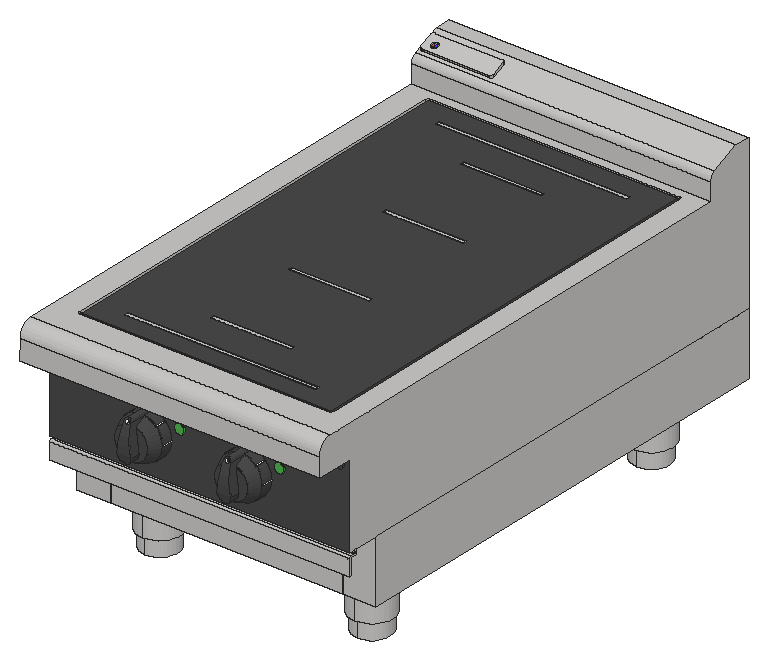
Revit family "QF_Moffat_INLB8200F-B_Induction_Cooktop_cat", category Specialty Equipment, Revit 2019
Family settings
  Round Connector Dimension = Use Diameter
  Part Type = Normal
  Work Plane-Based = No
  Always vertical = Yes
  Cut with Voids When Loaded = No
  Shared = No
  Room Calculation Point = No
Parameters (values of type "INLB8200F-B_415/60/3")
  Weight in Kilograms = 88
  Watts = 10000 W
  Volts = 415 V
  URL Cutsheet = ""
  Specification by User = ""
  Specification by Manufacturer = ""
  Show Logo [instance] = yes
  Serial Number = ""
  Seismic Rating = ""
  SMACNA No = ""
  Revision Code = ""
  Phase = 3
  Number of Poles = 1
  NAFEM Spec ID Number = ""
  Model = "INLB8200F-B"
  Min Ckt Ampacity = 0 A
  Max Overcurrent Protection = 0 A
  Masterspec = ""
  Manufacturer = "Moffat"
  Length = 450 mm
  Item Number = ""
  Installed By = ""
  Identify Quantity as Lot = yes
  Height = 410 mm
  HP = ""
  Furnished By = ""
  Foodservice Equipment Identifier = yes
  FL Amps = 14 A
  Electrical Remarks = ""
  Electric Connection Type = ""
  Elec Conn RI Height = 0 mm
  Elec Conn Connection Height = 0 mm
  Description = "Induction Cooktop"
  Depth = 805 mm
  Cycle = 60 Hz
  Conn Plug = ""
  Conn Conduit = yes
  CSI MasterFormat = ""
  Apparent Power = if(Phase = 3, Volts * FL Amps * 1.73, Volts * FL Amps)  # 10051.3 VA
Types (2, lengths in mm): name | Volts | Cycle | Apparent Power
  INLB8200F-B_415/60/3 | 415 V | 60 Hz | 10051.3 VA
  INLB8200F-B_400/50/3 | 400 V | 50 Hz | 9688 VA
Reference planes
  plane 1 "BACK": y = 0
  plane 2: z = 0
  plane 3 "LEFT": x = 0
  plane 4 "RIGHT": x = 450
  plane 5 "FRONT": y = -805
  plane 6 "TOP": z = 410
  plane 7 "Center Y": x = 225
  plane 8 "Center X": y = -402.5
  plane 9: x = 65.5
  plane 10: x = 384.5
  plane 11: y = -30
  plane 12: x = 320
  plane 13: z = 85
  plane 14: y = -100
  plane 15: y = -625
  plane 16: y = -70
  plane 17: z = 355
  plane 18: z = 75
Forms (mm)
  Extrusion 1, solid, material "QF_Metal_Stainless_Polished"
    sketch origin (0, 0, 0) x (0, 1, 0) y (0, 0, 1)
      loop
        line (0, 180) -> (0, 410) -> (-23.147, 410) -> (-62.316, 393.374)
        arc (-62.316, 393.374) -> (-67.905, 388.725) -> (-70, 381.764) r 12.612
        line (-70, 381.764) -> (-70, 355) -> (-784.417, 355)
        arc (-784.417, 355) -> (-798.971, 348.971) -> (-805, 334.417) r 20.583
        line (-805, 334.417) -> (-805, 305) -> (-749, 305) -> (-749, 180) -> (0, 180)
    from 0 to 450
  Extrusion 2, void
    sketch origin (0, -784.417, 355) x (0, 1, 0) y (-1, 0, 0)
      loop
        arc (699.588, -42.349) -> (697.83, -38.106) -> (693.588, -36.349) r 6
        line (693.588, -36.349) -> (45.492, -36.349)
        arc (45.492, -36.349) -> (41.249, -38.106) -> (39.492, -42.349) r 6
        line (39.492, -42.349) -> (39.492, -413.677)
        arc (39.492, -413.677) -> (41.249, -417.92) -> (45.492, -419.677) r 6
        line (45.492, -419.677) -> (693.588, -419.677)
        arc (693.588, -419.677) -> (697.83, -417.92) -> (699.588, -413.677) r 6
        line (699.588, -413.677) -> (699.588, -42.349)
    from 0 to -9.5
  Extrusion 3, solid, material "QF_Plastic_Black_Smooth"
    sketch origin (0, -784.417, 355) x (0, 1, 0) y (-1, 0, 0)
      loop
        line (695.588, -413.677) -> (695.588, -42.349)
        arc (695.588, -42.349) -> (695.002, -40.935) -> (693.588, -40.349) r 2
        line (693.588, -40.349) -> (45.492, -40.349)
        arc (45.492, -40.349) -> (44.078, -40.935) -> (43.492, -42.349) r 2
        line (43.492, -42.349) -> (43.492, -413.677)
        arc (43.492, -413.677) -> (44.078, -415.091) -> (45.492, -415.677) r 2
        line (45.492, -415.677) -> (693.588, -415.677)
        arc (693.588, -415.677) -> (695.002, -415.091) -> (695.588, -413.677) r 2
      loop
        line (663.691, -368.576) -> (663.691, -81.424) -> (657.691, -81.424) -> (657.691, -368.576) -> (663.691, -368.576)
      loop
        line (600.917, -165) -> (600.917, -285) -> (606.917, -285) -> (606.917, -165) -> (600.917, -165)
      loop
        line (454.667, -165) -> (454.667, -285) -> (460.667, -285) -> (460.667, -165) -> (454.667, -165)
      loop
        line (277.974, -165) -> (277.974, -285) -> (283.974, -285) -> (283.974, -165) -> (277.974, -165)
      loop
        line (79.085, -368.576) -> (79.085, -81.424) -> (73.085, -81.424) -> (73.085, -368.576) -> (79.085, -368.576)
      loop
        line (130.651, -165) -> (130.651, -285) -> (136.651, -285) -> (136.651, -165) -> (130.651, -165)
    from 0 to -9.5
  Extrusion 4, solid, material "QF_Metal_Stainless_Polished"
    sketch origin (0, 0, 40) x (0, 1, 0) y (0, 0, 1)
      loop
        line (-739.467, 140) -> (-738.192, 134.838)
        arc (-738.192, 134.838) -> (-738.307, 134.302) -> (-738.799, 134.063) r 0.625
        line (-738.799, 134.063) -> (-746.111, 134.063)
        arc (-746.111, 134.063) -> (-748.011, 133.276) -> (-748.797, 131.377) r 2.686
        line (-748.797, 131.377) -> (-748.797, 107.627) -> (-747.197, 107.627) -> (-747.197, 131.242)
        arc (-747.197, 131.242) -> (-746.84, 132.105) -> (-745.976, 132.463) r 1.221
        line (-745.976, 132.463) -> (-738.755, 132.463)
        arc (-738.755, 132.463) -> (-737.028, 133.304) -> (-736.625, 135.182) r 2.194
        line (-736.625, 135.182) -> (-737.815, 140) -> (-739.467, 140)
    from 0 to 450
  Extrusion 5, solid, material "QF_Plastic_Black_Smooth"
    sketch origin (0, -749, 181.875) x (0, 0, 1) y (-1, 0, 0)
      loop
        circle (112.843, -13.157) r 5
      loop
        circle (112.843, -436.843) r 5
    from 0 to 1.6
  Extrusion 6, solid, material "QF_Metal_Stainless_Polished"
    sketch origin (0, -699, 85) x (0, 1, 0) y (1, 0, 0)
      loop
        circle (669, 320) r 6.35
    from 0 to 10
  Extrusion 7, solid, material "QF_Metal_Stainless_Polished"
    sketch origin (0, -699, 85) x (1, 0, 0) y (0, -1, 0)
      loop
        line (0, -699) -> (450, -699) -> (450, 0) -> (399.2, 0) -> (399.2, -25.4) -> (50.8, -25.4) -> (50.8, 0) -> (0, 0) -> (0, -699)
    from 0 to -95
  Extrusion 8, solid, material "QF_Metal_Stainless_Polished"
    sketch origin (50.8, -30, 85) x (0, 1, 0) y (0, 0, 1)
      loop
        line (-669, 0) -> (-643.6, 0) -> (-643.6, 26.45) -> (-669, 26.45) -> (-669, 0)
      loop
        line (-669, 32.45) -> (-643.6, 32.45) -> (-643.6, 66.4) -> (-669, 66.4) -> (-669, 32.45)
      loop
        line (-669, 67.4) -> (-643.6, 67.4) -> (-643.6, 95) -> (-669, 95) -> (-669, 67.4)
    from 0 to 348.4
  Revolve 9, solid, material "QF_Metal_Stainless_Polished"
    sketch origin (65.5, -4572, -304.8) x (0, 0, -1) y (0, -1, 0)
      loop
        line (-304.8, -4499.5) -> (-304.8, -4472) -> (-389.8, -4472) -> (-389.8, -4503.75) -> (-329.8, -4503.75) -> (-329.8, -4499.5) -> (-304.8, -4499.5)
      axis (-389.8, -4472) -> (-304.8, -4472)
    angle from 0 to 360
  Revolve 10, solid, material "QF_Metal_Stainless_Polished"
    sketch origin (65.5, -4572, -304.8) x (0, 0, -1) y (0, -1, 0)
      loop
        line (-304.8, -3974.5) -> (-304.8, -3947) -> (-389.8, -3947) -> (-389.8, -3978.75) -> (-329.8, -3978.75) -> (-329.8, -3974.5) -> (-304.8, -3974.5)
      axis (-389.8, -3947) -> (-304.8, -3947)
    angle from 0 to 360
  Revolve 11, solid, material "QF_Metal_Stainless_Polished"
    sketch origin (384.5, -4572, -304.8) x (0, 0, -1) y (0, 1, 0)
      loop
        line (-304.8, 4499.5) -> (-329.8, 4499.5) -> (-329.8, 4503.75) -> (-389.8, 4503.75) -> (-389.8, 4472) -> (-304.8, 4472) -> (-304.8, 4499.5)
      axis (-389.8, 4472) -> (-304.8, 4472)
    angle from 0 to 360
  Revolve 12, solid, material "QF_Metal_Stainless_Polished"
    sketch origin (384.5, -4572, -304.8) x (0, 0, -1) y (0, 1, 0)
      loop
        line (-304.8, 3974.5) -> (-329.8, 3974.5) -> (-329.8, 3978.75) -> (-389.8, 3978.75) -> (-389.8, 3947) -> (-304.8, 3947) -> (-304.8, 3974.5)
      axis (-389.8, 3947) -> (-304.8, 3947)
    angle from 0 to 360
  Extrusion 13, solid, material "QF_Metal_Stainless_Polished"
    sketch origin (0, 0, 0) x (1, 0, 0) y (0, 1, 0)
      loop
        line (368.576, -126.726) -> (368.576, -120.726) -> (81.424, -120.726) -> (81.424, -126.726) -> (368.576, -126.726)
      loop
        line (285, -183.5) -> (285, -177.5) -> (165, -177.5) -> (165, -183.5) -> (285, -183.5)
      loop
        line (285, -329.75) -> (285, -323.75) -> (165, -323.75) -> (165, -329.75) -> (285, -329.75)
      loop
        line (165, -500.443) -> (165, -506.443) -> (285, -506.443) -> (285, -500.443) -> (165, -500.443)
      loop
        line (165, -647.766) -> (165, -653.766) -> (285, -653.766) -> (285, -647.766) -> (165, -647.766)
      loop
        line (81.424, -705.333) -> (81.424, -711.333) -> (368.576, -711.333) -> (368.576, -705.333) -> (81.424, -705.333)
    from 355 to 345.5
  Extrusion 14, solid, material "QF_Paint_Green"
    sketch origin (63.231, -748.999, 157.5) x (0, 0, 1) y (-1, 0, 0)
      loop
        circle (100.3, -282.5) r 7.15
    from 0 to 1.6
  Extrusion 15, solid, material "QF_Plastic_Black_Smooth"
    sketch origin (75, -748.999, 169.375) x (0, 0, 1) y (-1, 0, 0)
      loop
        circle (112.843, -225) r 5
    from 0 to 1.6
  Extrusion 16, solid, material "QF_Paint_Green"
    sketch origin (-86.769, -748.999, 157.5) x (0, 0, 1) y (-1, 0, 0)
      loop
        circle (100.3, -282.5) r 7.15
    from 0 to 1.6
  Extrusion 17, solid, material "QF_Plastic_Black_Smooth"
    sketch origin (-75, -748.999, 169.375) x (0, 0, 1) y (-1, 0, 0)
      loop
        circle (112.843, -225) r 5
    from 0 to 1.6
Cuts and joins
  Extrusion 2 cuts Extrusion 1
Lines and regions (mm)
  symbolic lines
    curve 1: line (0, 0, 0) -> (450, 0, 0)
    curve 2: line (0, -805, 0) -> (0, 0, 0)
    curve 3: line (450, -805, 0) -> (0, -805, 0)
    curve 4: line (450, 0, 0) -> (450, -805, 0)
    curve 5: line (0, -70, 0) -> (450, -70, 0)
    curve 6: line (42.349, -84.83, 0) -> (413.677, -84.83, 0)
    curve 7: arc (413.677, -84.83, 0) -> (417.92, -86.587, 0) -> (419.677, -90.83, 0) r 6
    curve 8: line (419.677, -90.83, 0) -> (419.677, -738.926, 0)
    curve 9: arc (419.677, -738.926, 0) -> (417.92, -743.168, 0) -> (413.677, -744.926, 0) r 6
    curve 10: line (413.677, -744.926, 0) -> (42.349, -744.926, 0)
    curve 11: arc (42.349, -744.926, 0) -> (38.106, -743.168, 0) -> (36.349, -738.926, 0) r 6
    curve 12: line (36.349, -738.926, 0) -> (36.349, -90.83, 0)
    curve 13: arc (36.349, -90.83, 0) -> (38.106, -86.587, 0) -> (42.349, -84.83, 0) r 6
    curve 14: line (413.677, -88.83, 0) -> (42.349, -88.83, 0)
    curve 15: arc (42.349, -88.83, 0) -> (40.935, -89.415, 0) -> (40.349, -90.83, 0) r 2
    curve 16: line (40.349, -90.83, 0) -> (40.349, -738.926, 0)
    curve 17: arc (40.349, -738.926, 0) -> (40.935, -740.34, 0) -> (42.349, -740.926, 0) r 2
    curve 18: line (42.349, -740.926, 0) -> (413.677, -740.926, 0)
    curve 19: arc (413.677, -740.926, 0) -> (415.091, -740.34, 0) -> (415.677, -738.926, 0) r 2
    curve 20: line (415.677, -738.926, 0) -> (415.677, -90.83, 0)
    curve 21: arc (415.677, -90.83, 0) -> (415.091, -89.415, 0) -> (413.677, -88.83, 0) r 2
    curve 22: line (0, -23.147, 0) -> (450, -23.147, 0)
    curve 23: line (81.424, -711.333, 0) -> (368.576, -711.333, 0)
    curve 24: line (368.576, -711.333, 0) -> (368.576, -705.333, 0)
    curve 25: line (368.576, -705.333, 0) -> (81.424, -705.333, 0)
    curve 26: line (81.424, -705.333, 0) -> (81.424, -711.333, 0)
    curve 27: line (165, -653.766, 0) -> (285, -653.766, 0)
    curve 28: line (285, -653.766, 0) -> (285, -647.766, 0)
    curve 29: line (285, -647.766, 0) -> (165, -647.766, 0)
    curve 30: line (165, -647.766, 0) -> (165, -653.766, 0)
    curve 31: line (165, -500.443, 0) -> (285, -500.443, 0)
    curve 32: line (285, -506.443, 0) -> (165, -506.443, 0)
    curve 33: line (165, -506.443, 0) -> (165, -500.443, 0)
    curve 34: line (285, -500.443, 0) -> (285, -506.443, 0)
    curve 35: line (285, -323.75, 0) -> (165, -323.75, 0)
    curve 36: line (165, -323.75, 0) -> (165, -329.75, 0)
    curve 37: line (165, -329.75, 0) -> (285, -329.75, 0)
    curve 38: line (285, -329.75, 0) -> (285, -323.75, 0)
    curve 39: line (165, -183.5, 0) -> (285, -183.5, 0)
    curve 40: line (285, -183.5, 0) -> (285, -177.5, 0)
    curve 41: line (285, -177.5, 0) -> (165, -177.5, 0)
    curve 42: line (165, -177.5, 0) -> (165, -183.5, 0)
    curve 43: line (81.424, -126.726, 0) -> (368.576, -126.726, 0)
    curve 44: line (368.576, -126.726, 0) -> (368.576, -120.726, 0)
    curve 45: line (368.576, -120.726, 0) -> (81.424, -120.726, 0)
    curve 46: line (81.424, -120.726, 0) -> (81.424, -126.726, 0)
Dimensions and locks
  equal spacing: plane 3 "LEFT", plane 7 "Center Y", plane 4 "RIGHT"
  "Length": plane 3 "LEFT" to plane 4 "RIGHT"
  equal spacing: plane 5 "FRONT", plane 8 "Center X", plane 1 "BACK"
  "Depth": plane 5 "FRONT" to plane 1 "BACK"
  "Height": plane 6 "TOP" to level
  plane 9 to plane 10 = 319 mm
  plane 4 "RIGHT" to plane 3 "LEFT" = 450 mm
  plane 1 "BACK" to plane 5 "FRONT" = 805 mm
  plane 6 "TOP" to plane 2 = 410 mm
  locked: plane 12 to plane 4 "RIGHT" at 130
  plane 1 "BACK" to plane 11 = 30 mm
  plane 1 "BACK" to plane 14 to plane 15 = 100 mm, 525 mm
  plane 1 "BACK" to plane 16 = 70 mm
  plane 17 to level = 355 mm
  level to plane 13 = 85 mm
  plane 18 to level = 75 mm
  plane 12 to plane 4 "RIGHT" = 130 mm
  aligned and locked: level to plane 2
  aligned and locked: Extrusion 3 to Extrusion 13
Automatic sketch dimensions
  Extrusion 2 sketch curve to Extrusion 1 = 39.492 mm
  Extrusion 2 sketch curve to Extrusion 2 sketch curve = 6 mm  (x3)
  Extrusion 1 to Extrusion 2 sketch curve = 20.83 mm  (x2)
  Extrusion 1 to Extrusion 2 sketch curve = 30.323 mm
  Extrusion 1 to Extrusion 2 sketch curve = 42.349 mm
  Extrusion 3 sketch curve to Extrusion 1 = 43.492 mm
  Extrusion 3 sketch curve to Extrusion 3 sketch curve = 2 mm  (x3)
  Extrusion 3 sketch curve to Extrusion 3 sketch curve = 27.593 mm
  Extrusion 3 sketch curve to Extrusion 3 sketch curve = 6 mm  (x6)
  Extrusion 3 sketch curve to Extrusion 3 sketch curve = 51.566 mm
  Extrusion 3 sketch curve to Extrusion 3 sketch curve = 141.323 mm
  Extrusion 3 sketch curve to Extrusion 3 sketch curve = 170.693 mm
  Extrusion 1 to Extrusion 3 sketch curve = 113.5 mm
  Extrusion 1 to Extrusion 3 sketch curve = 56.726 mm
  Extrusion 1 to Extrusion 3 sketch curve = 20.83 mm  (x2)
  Extrusion 1 to Extrusion 3 sketch curve = 34.323 mm
  Extrusion 3 sketch curve to Extrusion 3 sketch curve = 45.101 mm  (x2)
  Extrusion 1 to Extrusion 3 sketch curve = 165 mm  (x2)
  Extrusion 3 sketch curve to Extrusion 3 sketch curve = 83.576 mm  (x2)
  Extrusion 3 sketch curve to Extrusion 3 sketch curve = 120 mm  (x4)
  Extrusion 1 to Extrusion 3 sketch curve = 81.424 mm  (x2)
  Extrusion 1 to Extrusion 3 sketch curve = 42.349 mm
  Extrusion 4 sketch curve to plane 5 "FRONT" = 56.203 mm
  Extrusion 4 sketch curve to Extrusion 4 sketch curve = 1.6 mm
  Extrusion 4 sketch curve to Extrusion 4 sketch curve = 1.086 mm
  Extrusion 4 sketch curve to Extrusion 4 sketch curve = 0.135 mm  (x2)
  Extrusion 4 sketch curve to Extrusion 4 sketch curve = 6.644 mm
  Extrusion 4 sketch curve to Extrusion 4 sketch curve = 0.668 mm
  Extrusion 4 sketch curve to Extrusion 4 sketch curve = 0.044 mm
  Extrusion 4 sketch curve to Extrusion 4 sketch curve = 0.563 mm
  Extrusion 4 sketch curve to Extrusion 4 sketch curve = 1.652 mm
  Extrusion 4 sketch curve to Extrusion 4 sketch curve = 1.567 mm
  Extrusion 4 sketch curve to plane 13 = 62.627 mm
  Extrusion 4 sketch curve to Extrusion 4 sketch curve = 23.614 mm
  Extrusion 4 sketch curve to Extrusion 4 sketch curve = 0.594 mm
  Extrusion 4 sketch curve to Extrusion 4 sketch curve = 0.032 mm
  Extrusion 4 sketch curve to Extrusion 4 sketch curve = 5.162 mm
  Extrusion 1 to Extrusion 5 sketch curve = 10.282 mm  (x2)
  Extrusion 1 to Extrusion 5 sketch curve = 13.157 mm  (x2)
  Extrusion 7 to Extrusion 6 sketch curve = 30 mm
  Extrusion 6 sketch curve to Extrusion 7 = 79.2 mm
  plane 1 "BACK" to Extrusion 7 sketch curve = 0 mm
  Extrusion 7 sketch curve to plane 3 "LEFT" = 0 mm
  Extrusion 7 sketch curve to plane 4 "RIGHT" = 0 mm
  plane 9 to Extrusion 7 sketch curve = 14.7 mm
  Extrusion 7 sketch curve to plane 10 = 14.7 mm
  plane 15 to Extrusion 7 sketch curve = 48.6 mm
  Extrusion 7 sketch curve to Extrusion 7 sketch curve = 25.4 mm  (x2)
  Extrusion 8 sketch curve to Extrusion 7 = 0 mm  (x8)
  Extrusion 7 to Extrusion 8 sketch curve = 26.45 mm
  Extrusion 8 sketch curve to Extrusion 8 sketch curve = 6 mm
  Extrusion 7 to Extrusion 8 sketch curve = 28.6 mm
  Extrusion 8 sketch curve to Extrusion 8 sketch curve = 1 mm
  plane 13 to Revolve 9 sketch curve = 0 mm
  Revolve 9 sketch curve to level = 0 mm  (x2)
  Revolve 9 sketch curve to plane 14 = 0 mm  (x2)
  plane 16 to Revolve 9 sketch curve = 2.5 mm
  level to Revolve 9 sketch curve = 25 mm
  Revolve 9 sketch curve to plane 16 = 1.75 mm
  Revolve 9 sketch curve to Revolve 9 sketch curve = 25 mm
  plane 13 to Revolve 10 sketch curve = 0 mm
  Revolve 10 sketch curve to level = 0 mm  (x2)
  Revolve 10 sketch curve to plane 15 = 0 mm  (x2)
  level to Revolve 10 sketch curve = 25 mm
  Revolve 10 sketch curve to Revolve 10 sketch curve = 27.5 mm
  Revolve 10 sketch curve to Revolve 10 sketch curve = 31.75 mm
  Revolve 10 sketch curve to Revolve 10 sketch curve = 25 mm
  plane 13 to Revolve 11 sketch curve = 0 mm
  Revolve 11 sketch curve to level = 0 mm  (x2)
  Revolve 11 sketch curve to plane 14 = 0 mm  (x2)
  plane 16 to Revolve 11 sketch curve = 2.5 mm
  level to Revolve 11 sketch curve = 25 mm
  Revolve 11 sketch curve to plane 16 = 1.75 mm
  Revolve 11 sketch curve to Revolve 11 sketch curve = 25 mm
  plane 13 to Revolve 12 sketch curve = 0 mm
  Revolve 12 sketch curve to level = 0 mm  (x2)
  Revolve 12 sketch curve to plane 15 = 0 mm  (x2)
  level to Revolve 12 sketch curve = 25 mm
  Revolve 12 sketch curve to plane 15 = 27.5 mm
  Revolve 12 sketch curve to Revolve 12 sketch curve = 4.25 mm
  Revolve 12 sketch curve to Revolve 12 sketch curve = 25 mm
  Extrusion 13 sketch curve to plane 9 = 15.924 mm  (x2)
  plane 15 to Extrusion 13 sketch curve = 22.766 mm
  Extrusion 13 sketch curve to plane 7 "Center Y" = 60 mm  (x4)
  plane 12 to Extrusion 13 sketch curve = 35 mm  (x4)
  plane 10 to Extrusion 13 sketch curve = 15.924 mm  (x2)
  Extrusion 13 sketch curve to Extrusion 13 sketch curve = 6 mm  (x6)
  plane 15 to Extrusion 13 sketch curve = 80.333 mm
  Extrusion 13 sketch curve to plane 8 "Center X" = 103.943 mm
  plane 8 "Center X" to Extrusion 13 sketch curve = 72.75 mm
  plane 14 to Extrusion 13 sketch curve = 83.5 mm
  plane 14 to Extrusion 13 sketch curve = 26.726 mm
  Extrusion 14 sketch curve to plane 12 = 25.731 mm
  Extrusion 14 sketch curve to plane 17 = 97.2 mm
  plane 12 to Extrusion 15 sketch curve = 20 mm
  Extrusion 15 sketch curve to plane 17 = 72.782 mm
  Extrusion 16 sketch curve to plane 7 "Center Y" = 29.269 mm
  Extrusion 16 sketch curve to plane 17 = 97.2 mm
  Extrusion 17 sketch curve to plane 17 = 72.782 mm
  Extrusion 17 sketch curve to plane 7 "Center Y" = 75 mm
  Extrusion 1 sketch curve to plane 5 "FRONT" = 0 mm
  Extrusion 1 sketch curve to plane 17 = 0 mm
  Extrusion 1 sketch curve to plane 16 = 0 mm
  Extrusion 1 sketch curve to plane 6 "TOP" = 0 mm
  Extrusion 1 sketch curve to plane 1 "BACK" = 0 mm
  Extrusion 1 sketch curve to Extrusion 1 sketch curve = 20.583 mm
  Extrusion 1 sketch curve to Extrusion 1 sketch curve = 35.417 mm
  Extrusion 1 sketch curve to plane 16 = 7.684 mm
  Extrusion 1 sketch curve to Extrusion 1 sketch curve = 12.612 mm
  Extrusion 1 sketch curve to plane 11 = 6.853 mm
  Extrusion 1 sketch curve to Extrusion 1 sketch curve = 29.417 mm
  Extrusion 1 sketch curve to plane 13 = 95 mm
  plane 17 to Extrusion 1 sketch curve = 26.764 mm
  curve 7 to curve 21 = 0 mm  (x2)
  curve 9 to curve 19 = 0 mm  (x2)
  curve 11 to curve 17 = 0 mm  (x2)
  curve 13 to curve 15 = 0 mm  (x2)
  plane 1 "BACK" to curve 1 = 0 mm
  curve 1 to plane 3 "LEFT" = 0 mm
  curve 1 to plane 4 "RIGHT" = 0 mm
  plane 5 "FRONT" to curve 4 = 0 mm
  plane 16 to curve 5 = 0 mm
  plane 9 to curve 12 = 29.151 mm
  curve 11 to curve 16 = 4 mm
  curve 16 to curve 14 = 2 mm
  curve 17 to curve 17 = 2 mm
  curve 43 to plane 9 = 15.924 mm
  curve 23 to plane 9 = 15.924 mm
  curve 33 to plane 7 "Center Y" = 60 mm
  plane 15 to curve 27 = 28.766 mm
  curve 27 to plane 7 "Center Y" = 60 mm
  curve 41 to plane 7 "Center Y" = 60 mm
  curve 37 to plane 7 "Center Y" = 60 mm
  plane 12 to curve 35 = 35 mm
  plane 12 to curve 34 = 35 mm
  plane 12 to curve 39 = 35 mm
  plane 12 to curve 27 = 35 mm
  plane 10 to curve 44 = 15.924 mm
  plane 10 to curve 25 = 15.924 mm
  curve 7 to plane 14 = 9.17 mm
  curve 7 to plane 10 = 29.177 mm
  curve 9 to plane 10 = 29.177 mm
  curve 9 to curve 20 = 2 mm
  curve 10 to plane 5 "FRONT" = 60.074 mm
  curve 11 to curve 26 = 27.593 mm
  curve 23 to curve 25 = 6 mm
  curve 27 to curve 30 = 6 mm
  curve 32 to plane 8 "Center X" = 103.943 mm
  curve 32 to curve 31 = 6 mm
  plane 8 "Center X" to curve 38 = 72.75 mm
  curve 36 to curve 36 = 6 mm
  plane 14 to curve 39 = 83.5 mm
  curve 39 to curve 42 = 6 mm
  plane 14 to curve 44 = 26.726 mm
  curve 43 to curve 44 = 6 mm
  curve 22 to plane 11 = 6.853 mm
  radius of Extrusion 5 sketch curve = 5 mm  (x2)
  radius of Extrusion 6 sketch curve = 6.35 mm
  radius of Extrusion 14 sketch curve = 7.15 mm
  radius of Extrusion 15 sketch curve = 5 mm
  radius of Extrusion 16 sketch curve = 7.15 mm
  radius of Extrusion 17 sketch curve = 5 mm
Nested families
  nested 1: "Knob" at (267.5, -739.499, 204.5), type "Knob"
  nested 2: "Knob" at (117.5, -739.499, 204.5), type "Knob"
  nested 3: "QF_LOGO_Waldorf1" at (2, -56.925, 395.662), visible <- "Show Logo", type "QF_LOGO_Waldorf 2"
Connectors
  electrical at (320, -30, 75), driven by "Volts", driven by "Watts"
    settings: on Extrusion 6, index 3, voltage 415 V, apparent load 10000 VA, apparent load phase1 0 VA, apparent load phase2 0 VA, apparent load phase3 0 VA, power factor 1, load classification "Other", number of poles 1, system type 30, power factor state 1, is connector primary yes, connector utility no, sub classification motor no, connector description ""
Definition of nested family "Knob"
  Parameters (values of type "Knob")
    Weight in Pounds = 0
    URL Cutsheet = ""
    Specification by User = ""
    Specification by Manufacturer = ""
    Serial Number = ""
    Seismic Rating = ""
    SMACNA No = ""
    Revision Code = ""
    NAFEM Spec ID Number = ""
    Masterspec = ""
    Length = 65 mm
    Item Number = ""
    Installed By = ""
    Identify Quantity as Lot = yes
    Height = 69.5 mm
    Furnished By = ""
    Foodservice Equipment Identifier = yes
    Depth = 59 mm
    CSI MasterFormat = ""
  Reference planes
    plane 1 "BACK": y = 0
    plane 2: z = 0
    plane 3 "LEFT": x = 0
    plane 4 "RIGHT": x = 65
    plane 5 "FRONT": y = -59
    plane 6 "TOP": z = 69.5
    plane 7 "Center Y": x = 32.5
    plane 8 "Center X": y = -29.5
  Forms (mm)
    Revolve 1, solid
      sketch origin (32.5, 175.397, 1219.2) x (0, 1, 0) y (0, 0, 1)
        loop
          line (-175.397, -1186.7) -> (-219.397, -1186.7) -> (-219.397, -1211.501) -> (-202.106, -1219.2) -> (-185.397, -1219.2) -> (-185.397, -1191.7) -> (-175.397, -1191.7) -> (-175.397, -1186.7)
        axis (-219.397, -1186.7) -> (-175.397, -1186.7)
      angle from 0 to 360
    Extrusion 2, solid
      sketch origin (32.5, 175.397, 1219.2) x (0, 1, 0) y (0, 0, 1)
        loop
          line (-202.106, -1154.2) -> (-185.397, -1154.2) -> (-185.397, -1149.7) -> (-224.105, -1149.7)
          arc (-224.105, -1149.7) -> (-233.965, -1178.467) -> (-230.696, -1208.7) r 70
          line (-230.696, -1208.7) -> (-219.397, -1208.7) -> (-219.397, -1161.899) -> (-202.106, -1154.2)
      from -15 to 15
    Extrusion 3, void
      sketch origin (0, 0, 0) x (1, 0, 0) y (0, 0, 1)
        loop
          line (27.501, 64.613) -> (22.02, 20.585)
          arc (22.02, 20.585) -> (32.792, 10.488) -> (42.986, 21.169) r 10.487
          line (42.986, 21.169) -> (37.499, 64.613)
          arc (37.499, 64.613) -> (32.5, 69.5) -> (27.501, 64.613) r 5
        loop
          line (10, 72.977) -> (10, 5.625) -> (55, 5.625) -> (55, 72.977) -> (10, 72.977)
      from 6.142 to 69.687
    Extrusion 4, solid
      sketch origin (0, -34.115, -16.916) x (1, 0, 0) y (0, 0.45399, 0.891007)
        loop
          circle (32.497, 65) r 2
      from 51.525 to 53.075
    Extrusion 5, solid
      sketch origin (32.5, -10, 32.5) x (0, 0, -1) y (-1, 0, 0)
        loop
          line (-23.54, -22.408) -> (-24.106, -22.974)
          arc (-24.106, -22.974) -> (-23.547, -23.547) -> (-22.974, -24.106) r 33.3
          line (-22.974, -24.106) -> (-22.408, -23.54)
          arc (-22.408, -23.54) -> (-22.981, -22.981) -> (-23.54, -22.408) r 32.5
        loop
          arc (-0.8, -33.29) -> (0, -33.3) -> (0.8, -33.29) r 33.3
          line (0.8, -33.29) -> (0.8, -32.49)
          arc (0.8, -32.49) -> (0, -32.5) -> (-0.8, -32.49) r 32.5
          line (-0.8, -32.49) -> (-0.8, -33.29)
        loop
          arc (23.54, -22.408) -> (22.981, -22.981) -> (22.408, -23.54) r 32.5
          line (22.408, -23.54) -> (22.974, -24.106)
          arc (22.974, -24.106) -> (23.547, -23.547) -> (24.106, -22.974) r 33.3
          line (24.106, -22.974) -> (23.54, -22.408)
        loop
          arc (-23.54, 22.408) -> (-22.981, 22.981) -> (-22.408, 23.54) r 32.5
          line (-22.408, 23.54) -> (-22.974, 24.106)
          arc (-22.974, 24.106) -> (-23.547, 23.547) -> (-24.106, 22.974) r 33.3
          line (-24.106, 22.974) -> (-23.54, 22.408)
        loop
          line (-0.8, 33.29) -> (-0.8, 32.49)
          arc (-0.8, 32.49) -> (0, 32.5) -> (0.8, 32.49) r 32.5
          line (0.8, 32.49) -> (0.8, 33.29)
          arc (0.8, 33.29) -> (0, 33.3) -> (-0.8, 33.29) r 33.3
        loop
          line (32.49, -0.8) -> (33.29, -0.8)
          arc (33.29, -0.8) -> (33.3, 0) -> (33.29, 0.8) r 33.3
          line (33.29, 0.8) -> (32.49, 0.8)
          arc (32.49, 0.8) -> (32.5, 0) -> (32.49, -0.8) r 32.5
        loop
          arc (24.106, 22.974) -> (23.547, 23.547) -> (22.974, 24.106) r 33.3
          line (22.974, 24.106) -> (22.408, 23.54)
          arc (22.408, 23.54) -> (22.981, 22.981) -> (23.54, 22.408) r 32.5
          line (23.54, 22.408) -> (24.106, 22.974)
      from 0 to -16.709
  Cuts and joins
    Extrusion 3 cuts Extrusion 2
  Dimensions and locks
    equal spacing: plane 3 "LEFT", plane 7 "Center Y", plane 4 "RIGHT"
    "Length": plane 3 "LEFT" to plane 4 "RIGHT"
    equal spacing: plane 5 "FRONT", plane 8 "Center X", plane 1 "BACK"
    "Depth": plane 5 "FRONT" to plane 1 "BACK"
    "Height": plane 6 "TOP" to level
    plane 4 "RIGHT" to plane 3 "LEFT" = 65 mm
    aligned and locked: level to plane 2
  Automatic sketch dimensions
    Revolve 1 sketch curve to level = 0 mm
    Revolve 1 sketch curve to plane 1 "BACK" = 0 mm  (x2)
    plane 1 "BACK" to Revolve 1 sketch curve = 10 mm
    plane 8 "Center X" to Revolve 1 sketch curve = 2.791 mm
    Revolve 1 sketch curve to plane 8 "Center X" = 14.5 mm
    level to Revolve 1 sketch curve = 7.699 mm
    level to Revolve 1 sketch curve = 27.5 mm
    Revolve 1 sketch curve to Revolve 1 sketch curve = 5 mm
    Revolve 1 sketch curve to Revolve 1 sketch curve = 35 mm
    Revolve 1 sketch curve to Revolve 1 sketch curve = 0 mm
    Extrusion 2 sketch curve to plane 6 "TOP" = 0 mm
    Extrusion 2 sketch curve to plane 5 "FRONT" = 3.702 mm
    Extrusion 2 sketch curve to plane 5 "FRONT" = 10.293 mm
    Extrusion 2 sketch curve to Extrusion 2 sketch curve = 11.298 mm
    plane 8 "Center X" to Extrusion 2 sketch curve = 2.791 mm
    plane 1 "BACK" to Extrusion 2 sketch curve = 10 mm
    Extrusion 2 sketch curve to plane 1 "BACK" = 11 mm
    Extrusion 2 sketch curve to plane 6 "TOP" = 4.5 mm
    Extrusion 2 sketch curve to plane 6 "TOP" = 12.199 mm
    level to Extrusion 2 sketch curve = 32.962 mm
    level to Extrusion 3 sketch curve = 5.625 mm
    Extrusion 3 sketch curve to plane 7 "Center Y" = 0 mm  (x2)
    Extrusion 3 sketch curve to plane 7 "Center Y" = 4.999 mm
    Extrusion 3 sketch curve to plane 7 "Center Y" = 10.48 mm
    plane 6 "TOP" to Extrusion 3 sketch curve = 3.477 mm
    plane 3 "LEFT" to Extrusion 3 sketch curve = 10 mm
    Extrusion 3 sketch curve to plane 6 "TOP" = 4.887 mm
    Extrusion 3 sketch curve to Extrusion 3 sketch curve = 4.999 mm
    plane 7 "Center Y" to Extrusion 3 sketch curve = 10.486 mm
    level to Extrusion 3 sketch curve = 20.585 mm
    Extrusion 3 sketch curve to Extrusion 3 sketch curve = 0.387 mm
    Extrusion 3 sketch curve to Extrusion 3 sketch curve = 0.113 mm
    plane 4 "RIGHT" to Extrusion 3 sketch curve = 10 mm
    Extrusion 5 sketch curve to Revolve 1 = 32.49 mm
    Revolve 1 to Extrusion 5 sketch curve = 32.49 mm
    Extrusion 5 sketch curve to Revolve 1 = 23.54 mm  (x2)
    Revolve 1 to Extrusion 5 sketch curve = 23.54 mm  (x2)
    Extrusion 5 sketch curve to Revolve 1 = 24.106 mm  (x2)
    Revolve 1 to Extrusion 5 sketch curve = 24.106 mm  (x2)
    Revolve 1 to Extrusion 5 sketch curve = 22.408 mm  (x2)
    Extrusion 5 sketch curve to Revolve 1 = 22.408 mm  (x2)
    Revolve 1 to Extrusion 5 sketch curve = 22.974 mm  (x2)
    Extrusion 5 sketch curve to Revolve 1 = 22.974 mm  (x2)
    Extrusion 5 sketch curve to Extrusion 5 sketch curve = 1.6 mm  (x2)
    Revolve 1 to Extrusion 5 sketch curve = 0.8 mm
    Extrusion 5 sketch curve to Revolve 1 = 0.8 mm
    Extrusion 4 sketch curve to plane 7 "Center Y" = 0.003 mm
    radius of Extrusion 5 sketch curve to Revolve 1 = 0 mm  (x7)
    radius of Revolve 1 to Extrusion 5 sketch curve = 0.8 mm  (x7)
    radius of Extrusion 4 sketch curve = 2 mm
Definition of nested family "QF_LOGO_Waldorf1"
  Parameters (values of type "QF_LOGO_Waldorf")
    Weight in Pounds = 0
    URL Cutsheet = ""
    Specification by User = ""
    Specification by Manufacturer = ""
    Serial Number = ""
    Seismic Rating = ""
    SMACNA No = ""
    Revision Code = ""
    NAFEM Spec ID Number = ""
    Masterspec = ""
    Length = 138 mm
    Item Number = ""
    Installed By = ""
    Identify Quantity as Lot = yes
    Height = 26.711 mm
    Furnished By = ""
    Foodservice Equipment Identifier = yes
    Depth = 3.175 mm
    CSI MasterFormat = ""
  Reference planes
    plane 1 "BACK": y = 0
    plane 2: z = 0
    plane 3 "LEFT": x = 0
    plane 4 "RIGHT": x = 138
    plane 5 "FRONT": y = -3.175
    plane 6 "TOP": z = 26.711
    plane 7 "Center Y": x = 69
    plane 8 "Center X": y = -1.587
  Forms (mm)
    Extrusion 1, solid
      sketch origin (0, 0, 0) x (1, 0, 0) y (0, 0.920505, 0.390731)
        loop
          line (109, 3.464) -> (109, 23.247)
          spline (109, 23.247) -> (108.966, 23.699) -> (108.864, 24.143) -> (108.696, 24.572) -> (108.464, 24.979) -> (108.173, 25.355) -> (107.828, 25.696) -> (107.435, 25.995) -> (107, 26.247) -> (106.531, 26.447) -> (106.035, 26.593) -> (105.522, 26.681) -> (105, 26.711)
          line (105, 26.711) -> (4, 26.711)
          spline (4, 26.711) -> (3.478, 26.681) -> (2.965, 26.593) -> (2.469, 26.447) -> (2, 26.247) -> (1.565, 25.995) -> (1.172, 25.696) -> (0.827, 25.355) -> (0.536, 24.979) -> (0.304, 24.572) -> (0.136, 24.143) -> (0.034, 23.699) -> (0, 23.247)
          line (0, 23.247) -> (0, 3.464)
          spline (0, 3.464) -> (0.034, 3.012) -> (0.136, 2.568) -> (0.304, 2.138) -> (0.536, 1.732) -> (0.827, 1.355) -> (1.172, 1.015) -> (1.565, 0.716) -> (2, 0.464) -> (2.469, 0.264) -> (2.965, 0.118) -> (3.478, 0.03) -> (4, 0)
          line (4, 0) -> (105, 0)
          spline (105, 0) -> (105.522, 0.03) -> (106.035, 0.118) -> (106.531, 0.264) -> (107, 0.464) -> (107.435, 0.716) -> (107.828, 1.015) -> (108.173, 1.355) -> (108.464, 1.732) -> (108.696, 2.138) -> (108.864, 2.568) -> (108.966, 3.012) -> (109, 3.464)
        loop
          line (14.75, 7.005) -> (14.75, 15.654)
          arc (14.75, 15.654) -> (10.425, 11.329) -> (14.75, 7.005) r 4.325
        loop
          line (15.25, 15.654) -> (15.25, 7.005)
          arc (15.25, 7.005) -> (19.575, 11.329) -> (15.25, 15.654) r 4.325
      from 0 to 3.2
    Extrusion 2, solid
      sketch origin (0, 0, 0) x (1, 0, 0) y (0, 0.920505, 0.390731)
        loop
          line (15.25, 15.654) -> (15.25, 7.005)
          arc (15.25, 7.005) -> (19.575, 11.329) -> (15.25, 15.654) r 4.325
      from 0 to 3.2
    Extrusion 3, solid
      sketch origin (16.271, 0, 0) x (-1, 0, 0) y (0, -0.920505, -0.390731)
        loop
          arc (1.521, -15.654) -> (5.846, -11.329) -> (1.521, -7.005) r 4.325
          line (1.521, -7.005) -> (1.521, -15.654)
      from 0 to 3.2
  Lines and regions (mm)
    Split face 1
      outline origin (0, -1.25, 2.946) x (1, 0, 0) y (0, 0.920505, 0.390731)
        loop
          spline (22.129, 16.975) -> (22.389, 15.984) -> (22.649, 15.002) -> (22.91, 14.028) -> (23.172, 13.065) -> (23.433, 12.11) -> (23.695, 11.166) -> (23.956, 10.232) -> (24.218, 9.308) -> (24.479, 8.396) -> (24.74, 7.495) -> (25, 6.605) -> (25.26, 5.728)
          line (25.26, 5.728) -> (29.463, 5.728)
          spline (29.463, 5.728) -> (29.582, 6.252) -> (29.701, 6.78) -> (29.82, 7.313) -> (29.939, 7.85) -> (30.058, 8.391) -> (30.178, 8.936) -> (30.297, 9.485) -> (30.416, 10.038) -> (30.536, 10.594) -> (30.655, 11.155) -> (30.775, 11.719) -> (30.894, 12.287)
          spline (30.894, 12.287) -> (31.018, 11.719) -> (31.142, 11.155) -> (31.266, 10.594) -> (31.39, 10.038) -> (31.514, 9.485) -> (31.638, 8.936) -> (31.762, 8.391) -> (31.885, 7.85) -> (32.009, 7.313) -> (32.133, 6.78) -> (32.256, 6.252) -> (32.379, 5.728)
          line (32.379, 5.728) -> (36.51, 5.728)
          spline (36.51, 5.728) -> (36.766, 6.605) -> (37.023, 7.495) -> (37.28, 8.396) -> (37.538, 9.308) -> (37.795, 10.232) -> (38.053, 11.166) -> (38.311, 12.11) -> (38.569, 13.065) -> (38.826, 14.028) -> (39.083, 15.002) -> (39.34, 15.984) -> (39.597, 16.975)
          line (39.597, 16.975) -> (35.637, 16.975)
          spline (35.637, 16.975) -> (35.523, 16.334) -> (35.41, 15.697) -> (35.296, 15.063) -> (35.182, 14.433) -> (35.068, 13.807) -> (34.954, 13.185) -> (34.84, 12.566) -> (34.726, 11.952) -> (34.612, 11.342) -> (34.497, 10.737) -> (34.383, 10.135) -> (34.269, 9.538)
          spline (34.269, 9.538) -> (34.138, 10.135) -> (34.008, 10.737) -> (33.877, 11.342) -> (33.746, 11.952) -> (33.616, 12.566) -> (33.485, 13.185) -> (33.354, 13.807) -> (33.224, 14.433) -> (33.093, 15.063) -> (32.963, 15.697) -> (32.833, 16.334) -> (32.703, 16.975)
          line (32.703, 16.975) -> (29.247, 16.975)
          spline (29.247, 16.975) -> (29.111, 16.334) -> (28.974, 15.697) -> (28.837, 15.063) -> (28.7, 14.433) -> (28.562, 13.807) -> (28.425, 13.185) -> (28.288, 12.566) -> (28.15, 11.952) -> (28.013, 11.342) -> (27.875, 10.737) -> (27.738, 10.135) -> (27.6, 9.538)
          spline (27.6, 9.538) -> (27.483, 10.135) -> (27.366, 10.737) -> (27.249, 11.342) -> (27.132, 11.952) -> (27.015, 12.566) -> (26.897, 13.185) -> (26.78, 13.807) -> (26.663, 14.433) -> (26.546, 15.063) -> (26.43, 15.697) -> (26.313, 16.334) -> (26.196, 16.975)
          line (26.196, 16.975) -> (22.129, 16.975)
    Split face 2
      outline origin (0, -1.25, 2.946) x (1, 0, 0) y (0, 0.920505, 0.390731)
        loop
          line (51.449, 5.728) -> (51.035, 6.606) -> (51.035, 11.169)
          spline (51.035, 11.169) -> (50.686, 12.42) -> (50.176, 13.224) -> (49.51, 13.708) -> (48.693, 13.995) -> (47.747, 14.152) -> (46.698, 14.207) -> (45.579, 14.186) -> (44.419, 14.114) -> (43.279, 13.929) -> (42.249, 13.481) -> (41.424, 12.614) -> (40.897, 11.169)
          line (40.897, 11.169) -> (44.617, 11.169) -> (44.988, 11.965)
          spline (44.988, 11.965) -> (47.294, 11.682) -> (46.856, 10.932) -> (45.527, 10.609) -> (43.858, 10.439) -> (42.259, 10.123) -> (41.078, 9.417) -> (40.563, 8.246) -> (40.689, 6.989) -> (41.407, 6.052) -> (42.774, 5.536) -> (44.847, 5.497) -> (47.306, 6.602)
          line (47.306, 6.602) -> (47.624, 5.728) -> (51.449, 5.728)
    Split face 3
      outline origin (0, -1.25, 2.946) x (1, 0, 0) y (0, 0.920505, 0.390731)
        loop
          line (47.264, 9.264) -> (44.938, 8.597)
          spline (44.938, 8.597) -> (44.508, 8.228) -> (44.402, 7.9) -> (44.548, 7.626) -> (44.877, 7.42) -> (45.317, 7.295) -> (45.797, 7.265) -> (46.252, 7.342) -> (46.65, 7.525) -> (46.971, 7.813) -> (47.194, 8.201) -> (47.298, 8.685) -> (47.264, 9.264)
    Split face 4
      outline origin (0, -1.25, 2.946) x (1, 0, 0) y (0, 0.920505, 0.390731)
        loop
          line (53.33, 16.975) -> (53.33, 5.728) -> (57.173, 5.728) -> (57.173, 16.975) -> (53.33, 16.975)
    Split face 5
      outline origin (0, -1.25, 2.946) x (1, 0, 0) y (0, 0.920505, 0.390731)
        loop
          line (65.795, 16.975) -> (65.795, 12.976)
          spline (65.795, 12.976) -> (63.839, 14.082) -> (62.087, 14.096) -> (60.633, 13.343) -> (59.574, 12.148) -> (58.99, 10.806) -> (58.867, 9.452) -> (59.156, 8.159) -> (59.81, 7) -> (60.786, 6.056) -> (62.111, 5.514) -> (63.868, 5.634) -> (66.137, 6.679)
          line (66.137, 6.679) -> (66.137, 5.728) -> (69.511, 5.728) -> (69.511, 16.975) -> (65.795, 16.975)
    Split face 6
      outline origin (0, -1.25, 2.946) x (1, 0, 0) y (0, 0.920505, 0.390731)
        loop
          spline (64.273, 7.499) -> (64.754, 7.57) -> (65.202, 7.777) -> (65.587, 8.106) -> (65.882, 8.535) -> (66.067, 9.034) -> (66.131, 9.57) -> (66.067, 10.106) -> (65.882, 10.605) -> (65.587, 11.034) -> (65.202, 11.363) -> (64.754, 11.57) -> (64.273, 11.64)
          spline (64.273, 11.64) -> (63.793, 11.57) -> (63.345, 11.363) -> (62.96, 11.034) -> (62.665, 10.605) -> (62.479, 10.106) -> (62.416, 9.57) -> (62.479, 9.034) -> (62.665, 8.535) -> (62.96, 8.106) -> (63.345, 7.777) -> (63.793, 7.57) -> (64.273, 7.499)
    Split face 7
      outline origin (0, -1.25, 2.946) x (1, 0, 0) y (0, 0.920505, 0.390731)
        loop
          spline (76.449, 5.305) -> (77.855, 5.457) -> (79.166, 5.901) -> (80.291, 6.607) -> (81.155, 7.527) -> (81.698, 8.599) -> (81.883, 9.749) -> (81.698, 10.899) -> (81.155, 11.97) -> (80.291, 12.891) -> (79.166, 13.597) -> (77.855, 14.041) -> (76.449, 14.192)
          spline (76.449, 14.192) -> (75.042, 14.041) -> (73.731, 13.597) -> (72.606, 12.891) -> (71.742, 11.97) -> (71.199, 10.899) -> (71.014, 9.749) -> (71.199, 8.599) -> (71.742, 7.527) -> (72.606, 6.607) -> (73.731, 5.901) -> (75.042, 5.457) -> (76.449, 5.305)
    Split face 8
      outline origin (0, -1.25, 2.946) x (1, 0, 0) y (0, 0.920505, 0.390731)
        loop
          spline (76.449, 7.654) -> (76.841, 7.725) -> (77.206, 7.934) -> (77.52, 8.267) -> (77.76, 8.701) -> (77.912, 9.206) -> (77.963, 9.749) -> (77.912, 10.291) -> (77.76, 10.796) -> (77.52, 11.23) -> (77.206, 11.563) -> (76.841, 11.772) -> (76.449, 11.843)
          spline (76.449, 11.843) -> (76.057, 11.772) -> (75.691, 11.563) -> (75.378, 11.23) -> (75.137, 10.796) -> (74.986, 10.291) -> (74.934, 9.749) -> (74.986, 9.206) -> (75.137, 8.701) -> (75.378, 8.267) -> (75.691, 7.934) -> (76.057, 7.725) -> (76.449, 7.654)
    Split face 9
      outline origin (0, -1.25, 2.946) x (1, 0, 0) y (0, 0.920505, 0.390731)
        loop
          line (86.998, 12.335) -> (86.998, 13.879) -> (83.479, 13.879) -> (83.479, 5.728) -> (87.312, 5.728) -> (87.312, 8.975)
          spline (87.312, 8.975) -> (87.364, 9.356) -> (87.458, 9.686) -> (87.594, 9.968) -> (87.769, 10.204) -> (87.982, 10.398) -> (88.229, 10.55) -> (88.509, 10.666) -> (88.82, 10.746) -> (89.16, 10.794) -> (89.525, 10.812) -> (89.915, 10.803) -> (90.327, 10.77)
          line (90.327, 10.77) -> (90.327, 14.113)
          spline (90.327, 14.113) -> (89.929, 14.127) -> (89.552, 14.111) -> (89.197, 14.066) -> (88.865, 13.991) -> (88.554, 13.887) -> (88.266, 13.754) -> (87.999, 13.591) -> (87.755, 13.399) -> (87.532, 13.177) -> (87.332, 12.926) -> (87.154, 12.645) -> (86.998, 12.335)
    Split face 10
      outline origin (0, -1.25, 2.946) x (1, 0, 0) y (0, 0.920505, 0.390731)
        loop
          line (92.082, 13.879) -> (90.894, 13.879) -> (90.894, 11.972) -> (92.082, 11.972) -> (92.082, 5.728) -> (95.871, 5.728) -> (95.871, 11.972) -> (97.5, 11.972) -> (97.5, 13.879) -> (95.871, 13.879)
          spline (95.871, 13.879) -> (95.843, 14.088) -> (95.845, 14.278) -> (95.877, 14.447) -> (95.939, 14.596) -> (96.03, 14.726) -> (96.151, 14.835) -> (96.301, 14.925) -> (96.482, 14.995) -> (96.692, 15.045) -> (96.931, 15.075) -> (97.201, 15.085) -> (97.5, 15.076)
          line (97.5, 15.076) -> (97.5, 17.266) -> (95.367, 17.266)
          spline (95.367, 17.266) -> (94.982, 17.253) -> (94.58, 17.21) -> (94.174, 17.132) -> (93.774, 17.013) -> (93.39, 16.846) -> (93.034, 16.627) -> (92.717, 16.349) -> (92.448, 16.007) -> (92.24, 15.595) -> (92.102, 15.106) -> (92.046, 14.537) -> (92.082, 13.879)
  Dimensions and locks
    equal spacing: plane 3 "LEFT", plane 7 "Center Y", plane 4 "RIGHT"
    "Length": plane 3 "LEFT" to plane 4 "RIGHT"
    equal spacing: plane 5 "FRONT", plane 8 "Center X", plane 1 "BACK"
    "Depth": plane 5 "FRONT" to plane 1 "BACK"
    "Height": plane 6 "TOP" to level
    plane 4 "RIGHT" to plane 3 "LEFT" = 138 mm
    aligned and locked: level to plane 2
  Automatic sketch dimensions
    Extrusion 1 sketch curve to plane 3 "LEFT" = 0 mm
    plane 3 "LEFT" to Extrusion 1 sketch curve = 4 mm  (x2)
    Extrusion 1 sketch curve to Extrusion 1 sketch curve = 10.75 mm
    Extrusion 1 sketch curve to Extrusion 1 sketch curve = 0.5 mm
    plane 4 "RIGHT" to Extrusion 1 sketch curve = 33 mm
    Extrusion 1 sketch curve to Extrusion 1 sketch curve = 0 mm  (x3)
    Extrusion 1 sketch curve to Extrusion 1 sketch curve = 4 mm
    Extrusion 1 sketch curve to Extrusion 1 sketch curve = 3.464 mm  (x3)
    Extrusion 1 sketch curve to Extrusion 1 sketch curve = 3.541 mm
    Extrusion 1 sketch curve to Extrusion 1 sketch curve = 4.325 mm
    Extrusion 1 sketch curve to Extrusion 1 sketch curve = 19.783 mm
    Extrusion 1 sketch curve to Extrusion 1 sketch curve = 7.592 mm
    plane 3 "LEFT" to Extrusion 2 sketch curve = 15.25 mm
    Extrusion 2 sketch curve to Extrusion 2 sketch curve = 4.325 mm
    plane 3 "LEFT" to Extrusion 3 sketch curve = 14.75 mm
    Extrusion 3 sketch curve to Extrusion 3 sketch curve = 4.325 mm
    Extrusion 1 to Split face 1 sketch curve = 6.879 mm
    Split face 1 sketch curve to Extrusion 1 = 5.728 mm
    Split face 1 sketch curve to Split face 1 sketch curve = 3.132 mm
    Split face 1 sketch curve to Split face 1 sketch curve = 4.068 mm
    Split face 1 sketch curve to Split face 1 sketch curve = 3.051 mm
    Split face 1 sketch curve to Split face 1 sketch curve = 4.203 mm
    Split face 1 sketch curve to Split face 1 sketch curve = 2.916 mm
    Split face 1 sketch curve to Split face 1 sketch curve = 3.456 mm
    Split face 1 sketch curve to Split face 1 sketch curve = 2.934 mm
    Split face 1 sketch curve to Split face 1 sketch curve = 4.131 mm
    Split face 1 sketch curve to Split face 1 sketch curve = 3.96 mm
    Split face 1 sketch curve to Split face 1 sketch curve = 0 mm  (x2)
    Split face 1 sketch curve to Extrusion 1 = 9.736 mm  (x2)
    Extrusion 1 to Split face 1 sketch curve = 6.337 mm
    Extrusion 1 to Split face 1 sketch curve = 6.231 mm
    Extrusion 1 to Split face 1 sketch curve = 3.184 mm
    Extrusion 1 to Split face 1 sketch curve = 13.135 mm
    Split face 1 sketch curve to Split face 1 sketch curve = 4.652 mm
    Split face 1 sketch curve to Split face 1 sketch curve = 3.593 mm
    Split face 1 sketch curve to Split face 1 sketch curve = 1.863 mm
    Split face 1 sketch curve to Split face 1 sketch curve = 0.713 mm
    Split face 1 sketch curve to Split face 1 sketch curve = 2.684 mm
    Split face 1 sketch curve to Split face 1 sketch curve = 3.294 mm
    Split face 1 sketch curve to Split face 1 sketch curve = 0.459 mm
    Split face 1 sketch curve to Split face 1 sketch curve = 2.775 mm
    Split face 1 sketch curve to Split face 1 sketch curve = 1.89 mm
    Split face 1 sketch curve to Split face 1 sketch curve = 0.685 mm
    Split face 1 sketch curve to Split face 1 sketch curve = 9.486 mm
    Split face 1 sketch curve to Split face 1 sketch curve = 16.213 mm
    Split face 1 sketch curve to Split face 1 sketch curve = 3.48 mm
    Split face 1 sketch curve to Split face 1 sketch curve = 4.918 mm
    Split face 1 sketch curve to Split face 1 sketch curve = 7.609 mm
    Split face 1 sketch curve to Split face 1 sketch curve = 0.01 mm  (x2)
    Split face 1 sketch curve to Split face 1 sketch curve = 0.002 mm
    Split face 2 sketch curve to Extrusion 1 = 11.169 mm
    Extrusion 1 to Split face 2 sketch curve = 25.647 mm
    Split face 2 sketch curve to Split face 2 sketch curve = 3.72 mm
    Split face 2 sketch curve to Extrusion 1 = 11.965 mm
    Split face 2 sketch curve to Split face 2 sketch curve = 0.371 mm
    Split face 2 sketch curve to Extrusion 1 = 6.602 mm
    Split face 2 sketch curve to Split face 2 sketch curve = 2.689 mm
    Split face 2 sketch curve to Split face 2 sketch curve = 0.318 mm
    Split face 2 sketch curve to Split face 2 sketch curve = 3.729 mm
    Split face 2 sketch curve to Split face 2 sketch curve = 0.414 mm
    Split face 2 sketch curve to Split face 2 sketch curve = 0.875 mm
    Split face 2 sketch curve to Split face 2 sketch curve = 0.878 mm
    Split face 3 sketch curve to Extrusion 1 = 8.597 mm
    Extrusion 1 to Split face 3 sketch curve = 29.688 mm
    Split face 3 sketch curve to Extrusion 1 = 9.264 mm
    Split face 3 sketch curve to Split face 3 sketch curve = 2.326 mm
    Split face 4 sketch curve to Extrusion 1 = 5.728 mm
    Extrusion 1 to Split face 4 sketch curve = 38.08 mm
    Split face 4 sketch curve to Split face 4 sketch curve = 3.843 mm
    Split face 4 sketch curve to Extrusion 1 = 9.736 mm
    Split face 5 sketch curve to Extrusion 1 = 9.736 mm
    Split face 5 sketch curve to Extrusion 1 = 43.205 mm
    Split face 5 sketch curve to Extrusion 1 = 6.679 mm
    Split face 5 sketch curve to Split face 5 sketch curve = 0.342 mm
    Split face 5 sketch curve to Split face 5 sketch curve = 3.375 mm
    Split face 5 sketch curve to Split face 5 sketch curve = 0.952 mm
    Split face 5 sketch curve to Split face 5 sketch curve = 3.998 mm
    Split face 6 sketch curve to Extrusion 1 = 7.499 mm
    Split face 6 sketch curve to Extrusion 1 = 44.727 mm
    Split face 6 sketch curve to Split face 6 sketch curve = 2.07 mm
    Split face 7 sketch curve to Extrusion 1 = 5.305 mm
    Split face 7 sketch curve to Extrusion 1 = 32.551 mm
    Split face 7 sketch curve to Split face 7 sketch curve = 4.443 mm
    Split face 8 sketch curve to Extrusion 1 = 7.654 mm
    Split face 8 sketch curve to Extrusion 1 = 32.551 mm
    Split face 8 sketch curve to Split face 8 sketch curve = 2.095 mm
    Split face 9 sketch curve to Extrusion 1 = 5.728 mm
    Split face 9 sketch curve to Extrusion 1 = 25.521 mm
    Split face 9 sketch curve to Split face 9 sketch curve = 3.519 mm
    Split face 9 sketch curve to Split face 9 sketch curve = 0.315 mm
    Split face 9 sketch curve to Split face 9 sketch curve = 3.33 mm
    Split face 9 sketch curve to Split face 9 sketch curve = 3.248 mm
    Split face 9 sketch curve to Split face 9 sketch curve = 1.795 mm
    Split face 9 sketch curve to Split face 9 sketch curve = 3.36 mm
    Split face 9 sketch curve to Split face 9 sketch curve = 1.545 mm
    Split face 9 sketch curve to Split face 9 sketch curve = 0.233 mm
    Split face 10 sketch curve to Extrusion 1 = 18.106 mm
    Split face 10 sketch curve to Split face 10 sketch curve = 1.188 mm  (x2)
    Split face 10 sketch curve to Split face 10 sketch curve = 3.285 mm
    Split face 10 sketch curve to Split face 10 sketch curve = 3.789 mm
    Split face 10 sketch curve to Split face 10 sketch curve = 0 mm  (x2)
    Split face 10 sketch curve to Split face 10 sketch curve = 1.629 mm
    Split face 10 sketch curve to Split face 10 sketch curve = 2.133 mm
    Split face 10 sketch curve to Extrusion 1 = 5.728 mm
    Split face 10 sketch curve to Split face 10 sketch curve = 6.245 mm
    Split face 10 sketch curve to Split face 10 sketch curve = 1.907 mm  (x2)
    Split face 10 sketch curve to Split face 10 sketch curve = 1.197 mm
    Split face 10 sketch curve to Split face 10 sketch curve = 2.19 mm
